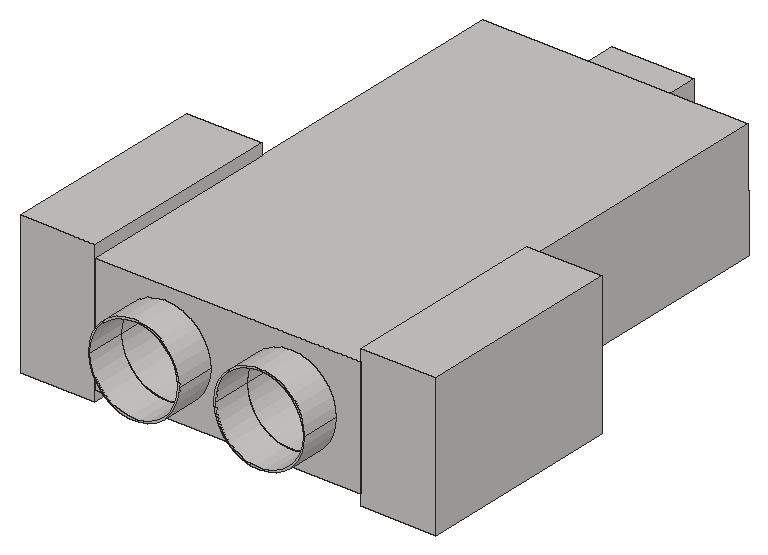
Revit family
Parameters
  Width = 1' - 11"
  Unit Weight = "84.0 lbs"
  URL = "http://www.titus-hvac.com/"
  UL = "181"
  SteriLoc Liner = Liner Option = 3  # no
  Outlet Width = 0' - 7 1/8"
  Outlet Height = 0' - 8 1/8"
  Nominal Width = Width + 1' 1"  # 3' - 0"
  Nominal Length = Length + Inlet Length + 0' 4"  # 4' - 1 3/8"
  Nominal Inlet Size = 0' - 8"
  Nominal Height = if(Height > 1' 0 1/4", Height, 1' 0 1/4")  # 1' - 0 1/4"
  NFPA = "90A"
  Model = "DMDV"
  Min. Air Flow = 0 CFM
  Max. Air Flow = 900 CFM
  Material = Steel
  Manufacturer = "Titus"
  Liner Option = 0
  Length = 3' - 6"
  Inlet Void Radius = Inlet Radius - 0' 0 1/8"  # 0' - 3 13/16"
  Inlet Radius = Inlet Diameter / 2  # 0' - 3 15/16"
  Inlet Offset = 0' - 10 7/8"
  Inlet Length = 0' - 3 3/8"
  Inlet Diameter = Nominal Inlet Size - 0' 0 1/8"  # 0' - 7 7/8"
  Height = 0' - 10 1/4"
  Heat Air Pressure Drop [instance] = 0.00 in-wg
  Heat Air Flow [instance] = 0 CFM
  Fiber Free Liner = Liner Option = 2  # no
  Duct Radius = Nominal Inlet Size / 2  # 0' - 4"
  Description = "Dual Duct Terminal Unit, Digital Control, Pressure Independent, High Performance Mixer"
  Cool Air Pressure Drop [instance] = 0.00 in-wg
  Cool Air Flow [instance] = 0 CFM
  CADworks URL = "www.CADworks.net"
  Assembly Code = "D3040100"
  1/2" Fiberglass Liner = Liner Option = 0  # yes
  1" Fiberglass Liner = Liner Option = 1  # no
Reference planes (in)
  plane 1 "Center (Front/Back)": y = 0
  plane 2: z = 0
  plane 3 "Center (Left/Right)": x = 0
  plane 4: x = 11.5
  plane 5: x = -11.5
  plane 6: y = 21
  plane 7: y = -21
  plane 8: z = 5.125
  plane 9: z = -5.125
  plane 10: x = -5.4375
  plane 11: x = 5.4375
  plane 12: y = -24.375
  plane 13: y = 25
  plane 14: x = -18
  plane 15: x = 18
  plane 16: y = -3
  plane 17: y = 3
  plane 18: z = 6.125
  plane 19: z = -6.125
Forms (in)
  Extrusion 1, solid, material "Steel" <- "Material"
    sketch origin (0, 9.5, -24) x (1, 0, 0) y (0, 0, 1)
      loop
        line (-11.5, 29.125) -> (-11.5, 18.875) -> (11.5, 18.875) -> (11.5, 29.125) -> (-11.5, 29.125)
    from -11.5 to 30.5
  Extrusion 2, solid, material "Steel" <- "Material"
    sketch origin (0, -23.5, 0) x (1, 0, 0) y (0, 0, 1)
      loop
        line (11.5, 6.125) -> (11.5, -6.125) -> (18, -6.125) -> (18, 6.125) -> (11.5, 6.125)
    from -20.5 to -2.5
  Extrusion 3, solid, material "Steel" <- "Material"
    sketch origin (0, -21.5, 0) x (-1, 0, 0) y (0, 0, -1)
      loop
        line (11.5, -6.125) -> (18, -6.125) -> (18, 6.125) -> (11.5, 6.125) -> (11.5, -6.125)
    from -18.5 to -0.5
  Extrusion 4, solid, material "Steel" <- "Material"
    sketch origin (0, -19, 0) x (1, 0, 0) y (0, 0, 1)
      loop
        circle (-5.4375, 0) r 3.9375
    from 2 to 5.375
  Extrusion 5, solid, material "Steel" <- "Material"
    sketch origin (0, -19, 0) x (-1, 0, 0) y (0, 0, -1)
      loop
        circle (-5.4375, 0) r 3.9375
    from 2 to 5.375
  Extrusion 6, void
    sketch origin (0, -10.375, 0) x (1, 0, 0) y (0, 0, 1)
      loop
        circle (-5.4375, 0) r 3.8125
    from -13.375 to 14
  Extrusion 7, void
    sketch origin (0, 0, 0) x (1, 0, 0) y (0, 0, 1)
      loop
        circle (5.4375, 0) r 3.8125
    from -3 to 24.375
  Extrusion 8, solid, material "Steel" <- "Material"
    sketch origin (0, 23, 0) x (1, 0, 0) y (0, 0, 1)
      loop
        line (-3.5625, 4.0625) -> (-3.5625, -4.0625) -> (3.5625, -4.0625) -> (3.5625, 4.0625) -> (-3.5625, 4.0625)
    from -2 to 2
  Extrusion 9, void
    sketch origin (0, 21.5, 0) x (1, 0, 0) y (0, 0, 1)
      loop
        line (-3.3125, 3.8125) -> (-3.3125, -3.8125) -> (3.3125, -3.8125) -> (3.3125, 3.8125) -> (-3.3125, 3.8125)
    from -3.5 to 24.5
Cuts and joins
  Extrusion 6, Extrusion 7, Extrusion 9 cuts Extrusion 1
  Extrusion 6 cuts Extrusion 4
  Extrusion 7 cuts Extrusion 5
  Extrusion 9 cuts Extrusion 8
Dimensions and locks (in)
  "Length": plane 7 to plane 6
  equal spacing: plane 7, plane 1 "Center (Front/Back)", plane 6
  "Width": plane 5 to plane 4
  equal spacing: plane 5, plane 3 "Center (Left/Right)", plane 4
  "Height": plane 9 to plane 8
  equal spacing: plane 9, level, plane 8
  locked: Extrusion 2 to plane 7 at 18
  locked: Extrusion 2 to Extrusion 2 at 12.25
  equal spacing: Extrusion 2, plane 2, Extrusion 2, locked at 6.125 each
  locked: Extrusion 2 to plane 4 at 6.5
  locked: Extrusion 3 to Extrusion 3 at 12.25
  equal spacing: Extrusion 3, plane 2, Extrusion 3, locked at 6.125 each
  locked: Extrusion 3 to plane 5 at 6.5
  locked: Extrusion 3 to plane 7 at 18
  "Inlet Offset": plane 10 to plane 11
  equal spacing: plane 10, plane 3 "Center (Left/Right)", plane 11
  "Inlet Length": plane 7 to plane 12
  "Inlet Length": plane 7 to Extrusion 4
  "Inlet Length": Extrusion 5 to plane 7
  locked: plane 6 to plane 13 at 4
  "Outlet Width": Extrusion 8 sketch curve to Extrusion 8 sketch curve
  equal spacing: Extrusion 8 sketch curve, plane 3 "Center (Left/Right)", Extrusion 8 sketch curve
  locked: Extrusion 4 sketch curve to level at 0
  locked: Extrusion 4 sketch curve to plane 10 at 0
  locked: Extrusion 5 sketch curve to level at 0
  locked: Extrusion 5 sketch curve to plane 11 at 0
  locked: Extrusion 6 sketch curve to level at 0
  locked: Extrusion 6 sketch curve to plane 10 at 0
  locked: Extrusion 7 sketch curve to level at 0
  locked: Extrusion 7 sketch curve to plane 11 at 0
  locked: cut or joined group of Extrusion 8, Extrusion 9 to Extrusion 9 sketch curve at 0.25  (x3)
  locked: Extrusion 9 sketch curve to cut or joined group of Extrusion 8, Extrusion 9 at 0.25
  "Outlet Height": Extrusion 8 sketch curve to Extrusion 8 sketch curve
  equal spacing: Extrusion 8 sketch curve, plane 2, Extrusion 8 sketch curve
  "Nominal Width": plane 14 to plane 15
  plane 13 to plane 12 = 4' - 1 3/8"
  locked: plane 14 to plane 5 at 6.5
  equal spacing: cut or joined group of Extrusion 8, Extrusion 9, plane 3 "Center (Left/Right)", cut or joined group of Extrusion 8, Extrusion 9
  locked: plane 17 to plane 7 at 24
  locked: plane 16 to plane 6 at 24
  "Inlet Radius": radius of Extrusion 4 sketch curve
  "Inlet Radius": radius of Extrusion 5 sketch curve
  "Inlet Void Radius": radius of Extrusion 6 sketch curve
  "Inlet Void Radius": radius of Extrusion 7 sketch curve
  aligned and locked: plane 6 to Extrusion 1
  aligned and locked: plane 4 to Extrusion 1
  aligned and locked: plane 5 to Extrusion 1
  aligned and locked: plane 7 to Extrusion 1
  aligned and locked: plane 8 to Extrusion 1
  aligned and locked: plane 7 to Extrusion 2
  aligned and locked: plane 7 to Extrusion 3
  aligned and locked: plane 12 to Extrusion 4
  aligned and locked: plane 7 to Extrusion 4
  aligned and locked: plane 7 to Extrusion 5
  aligned and locked: plane 6 to Extrusion 8
  aligned and locked: plane 13 to Extrusion 8
  aligned and locked: plane 12 to cut or joined group of Extrusion 4, Extrusion 6  (x2)
  aligned and locked: plane 12 to cut or joined group of Extrusion 5, Extrusion 7  (x2)
  aligned and locked: plane 13 to cut or joined group of Extrusion 8, Extrusion 9  (x2)
  aligned and locked: plane 14 to Extrusion 3  (x2)
  aligned and locked: plane 15 to Extrusion 2
  aligned and locked: Extrusion 6 to plane 12
  aligned and locked: Extrusion 7 to plane 12
  aligned and locked: Extrusion 9 to plane 13
  aligned and locked: Extrusion 2 to plane 15
  aligned and locked: Extrusion 2 to cut or joined group of Extrusion 1, Extrusion 6, Extrusion 7, Extrusion 9
  aligned and locked: Extrusion 3 to cut or joined group of Extrusion 1, Extrusion 6, Extrusion 7, Extrusion 9
  aligned and locked: cut or joined group of Extrusion 1, Extrusion 6, Extrusion 7, Extrusion 9 to plane 8
  aligned and locked: plane 9 to cut or joined group of Extrusion 1, Extrusion 6, Extrusion 7, Extrusion 9
  aligned and locked: plane 16 to Extrusion 9
  aligned and locked: plane 17 to Extrusion 6
  aligned and locked: Extrusion 7 to cut or joined group of Extrusion 1, Extrusion 6, Extrusion 7, Extrusion 9
Automatic sketch dimensions
  Extrusion 1 sketch curve to plane 5 = 0' - 0"
  Extrusion 1 sketch curve to plane 4 = 0' - 0"
  plane 9 to Extrusion 1 sketch curve = 0' - 0"
  plane 8 to Extrusion 1 sketch curve = 0' - 0"
  Extrusion 2 sketch curve to plane 4 = 0' - 0"
  plane 9 to Extrusion 2 sketch curve = 0' - 1"
  Extrusion 2 sketch curve to Extrusion 2 sketch curve = 0' - 6 1/2"
  Extrusion 2 sketch curve to plane 8 = 0' - 1"
  Extrusion 3 sketch curve to plane 5 = 0' - 0"
  plane 9 to Extrusion 3 sketch curve = 0' - 1"
  Extrusion 3 sketch curve to Extrusion 3 sketch curve = 0' - 6 1/2"
  Extrusion 3 sketch curve to plane 8 = 0' - 1"
Connectors (in)
  hvac at (5.4375, -24.375, 0), driven by "Duct Radius", driven by "Cool Air Pressure Drop", driven by "Cool Air Flow"
    settings: on cut or joined group of Extrusion 5, Extrusion 7, index 1
  hvac at (-5.4375, -24.375, 0), driven by "Duct Radius", driven by "Heat Air Pressure Drop", driven by "Heat Air Flow"
    settings: on cut or joined group of Extrusion 4, Extrusion 6, index 2
  hvac at (0, 25, 0), driven by "Outlet Height", driven by "Outlet Width"
    settings: on cut or joined group of Extrusion 8, Extrusion 9, index 3
